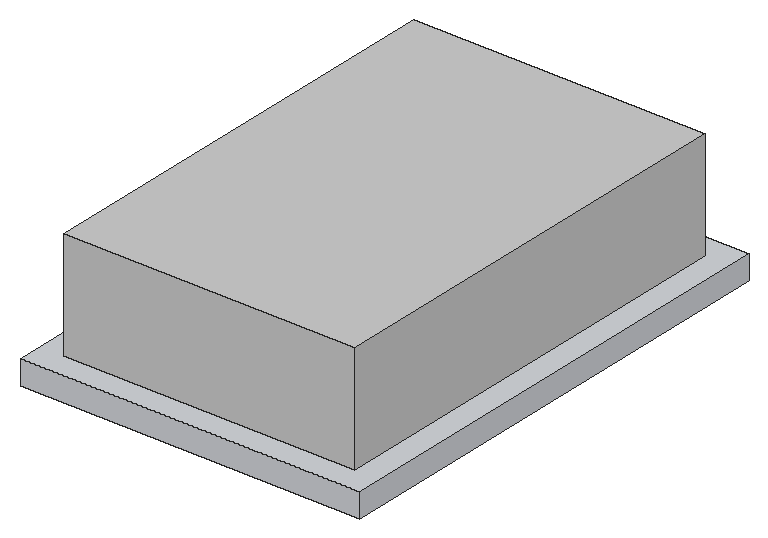
Revit family "M_Footing-Rectangular", category Structural Foundations, Revit 2017
Family settings
  Material for Model Behavior = Other
  Cap = No
  OmniClass Number = 23.25.05.17
  OmniClass Title = Shallow Foundations
  Work Plane-Based = No
  Always vertical = Yes
  Cut with Voids When Loaded = Yes
  Shared = No
Parameters (values of type "1800 x 1200 x 450mm")
  Width = 1200 mm
  TypeVolumeLeanConcrete [instance] = LC Width * LC Length * LC thickness  # 0.280 m³
  TypeVolumeConcrete [instance] = Width * Length * Foundation Thickness  # 0.972 m³
  TypeAreaFormworkLeanConcrete [instance] = 2 * (LC Width + LC Length) * LC thickness  # 0.680 m²
  TypeAreaFormwork [instance] = 2 * (Width + Length) * Foundation Thickness  # 2.700 m²
  Type Thickness [instance] = Foundation Thickness  # 450 mm
  Structural Material [instance] = Concrete, Cast-in-Place gray
  Length = 1800 mm
  LC thickness = 100 mm
  LC Width = Width + 2 * LC Offset  # 1400 mm
  LC Offset = 100 mm
  LC Length = Length + 2 * LC Offset  # 2000 mm
  Foundation Thickness = 450 mm
  Assembly Code = ""
Types (2, lengths in mm): name | Width | TypeVolumeLeanConcrete | TypeVolumeConcrete | TypeAreaFormworkLeanConcrete | TypeAreaFormwork | Length | LC Width | LC Length
  1800 x 1200 x 450mm | 1200 | 0.280 m³ | 0.972 m³ | 0.680 m² | 2.700 m² | 1800 | 1400 | 2000
  2400 x 1800 x 450mm | 1800 | 0.520 m³ | 1.944 m³ | 0.920 m² | 3.780 m² | 2400 | 2000 | 2600
Reference planes
  plane 1 "Center (Front/Back)": y = 0
  plane 2: z = 0
  plane 3 "Center (Left/Right)": x = 0
  plane 4: x = -600
  plane 5: x = 600
  plane 6: y = 900
  plane 7: y = -900
  plane 8: z = -450
  plane 9 "LC": z = -550
  plane 10: x = 1100
Forms (mm)
  Extrusion 1, solid, material "Concrete, Cast-in-Place gray" <- "Structural Material"
    sketch origin (0, 0, 0) x (1, 0, 0) y (0, 1, 0)
      loop
        line (-600, 900) -> (-600, -900) -> (600, -900) -> (600, 900) -> (-600, 900)
    from -450 to 0
  Extrusion 2, void
    sketch origin (0, 0, 0) x (1, 0, 0) y (0, 1, 0)
      loop
        line (-600, 900) -> (-600, -900) -> (600, -900) -> (600, 900) -> (-600, 900)
    from -450 to 0
  Extrusion 3, solid
    sketch origin (0, 0, -550) x (0, -1, 0) y (1, 0, 0)
      loop
        line (-1000, 700) -> (-1000, -700) -> (1000, -700) -> (1000, 700) -> (-1000, 700)
    from 0 to 100 <- "LC thickness"
  Extrusion 4, void
    sketch origin (0, 0, -550) x (0, -1, 0) y (1, 0, 0)
      loop
        line (-1000, 700) -> (-1000, -700) -> (1000, -700) -> (1000, 700) -> (-1000, 700)
    from 0 to 100 <- "LC thickness"
Lines and regions (mm)
  model lines
    curve 1: line (1100, 0, -550) -> (1100, 520, -550)
    curve 2: line (1100, 520, -550) -> (1500, 520, -550)
    curve 3: line (1500, 520, -550) -> (1500, 700, -550)
    curve 4: line (1500, 700, -550) -> (2027.488, 0, -550)
    curve 5: line (1100, 0, -550) -> (1100, -520, -550)
    curve 6: line (1100, -520, -550) -> (1500, -520, -550)
    curve 7: line (1500, -520, -550) -> (1500, -700, -550)
    curve 8: line (1500, -700, -550) -> (2027.488, 0, -550)
Dimensions and locks
  "Foundation Thickness": plane 2 to Extrusion 1
  "Width": plane 4 to plane 5
  "Length": plane 6 to plane 7
  equal spacing: plane 6, plane 1 "Center (Front/Back)", plane 7
  equal spacing: plane 4, plane 3 "Center (Left/Right)", plane 5
  "Foundation Thickness": level to plane 8
  "LC thickness": plane 8 to plane 9 "LC"
  "LC Offset": plane 5 to Extrusion 3 sketch curve
  "LC Offset": Extrusion 3 sketch curve to plane 4
  "LC Offset": Extrusion 3 sketch curve to plane 6
  "LC Offset": Extrusion 3 sketch curve to plane 7
  locked: plane 5 to plane 10 at 500
  locked: plane 10 to curve 3 at 400
  locked: plane 10 to curve 8 at 927.488
  locked: curve 2 to curve 4 at 180
  locked: curve 8 to curve 6 at 180
  aligned and locked: plane 4 to Extrusion 1 sketch curve
  aligned and locked: Extrusion 1 sketch curve to plane 5
  aligned and locked: Extrusion 1 sketch curve to plane 6
  aligned and locked: plane 7 to Extrusion 1 sketch curve
  aligned and locked: level to Extrusion 1
  aligned and locked: level to Extrusion 2
  aligned and locked: plane 8 to Extrusion 2
  aligned and locked: plane 10 to curve 1
  aligned and locked: curve 3 to curve 7
Automatic sketch dimensions
  Extrusion 2 sketch curve to plane 4 = 0 mm
  Extrusion 2 sketch curve to plane 5 = 0 mm
  Extrusion 2 sketch curve to plane 7 = 0 mm
  Extrusion 2 sketch curve to plane 6 = 0 mm
  plane 6 to Extrusion 4 sketch curve = 100 mm
  Extrusion 4 sketch curve to plane 7 = 100 mm
  Extrusion 4 sketch curve to plane 4 = 100 mm
  plane 5 to Extrusion 4 sketch curve = 100 mm
  plane 1 "Center (Front/Back)" to curve 1 = 0 mm
  plane 1 "Center (Front/Back)" to curve 4 = 0 mm
  curve 1 to plane 6 = 380 mm
  plane 7 to curve 6 = 380 mm
